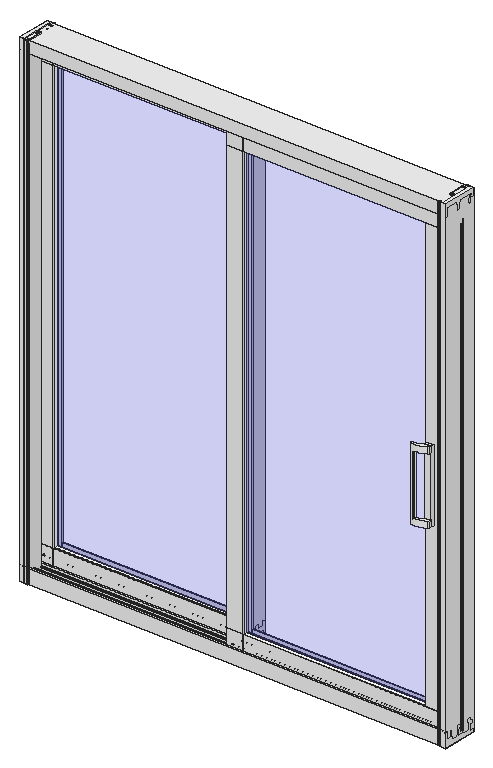
Revit family "Patio-Door_2900_Novatech", category Doors, host Wall, Revit 2026
Family settings
  Host = Wall
  Classification Number = 23.30.10.00
  Always vertical = Yes
  Cut with Voids When Loaded = No
  Shared = No
  Room Calculation Point = No
Parameters (values of type "70 1/4"W X 80 3/8"H")
  Width Sash X = (Width / 2) + 1/2"  # 35 5/8"
  Width Sash O = (Width / 2) + 1/2"  # 35 5/8"
  Specification = "https://www.arcat.com/company/novatech-group-51586/spec"
  Product Page URL = "https://www.arcat.com/arcatcos/cos51/arc51586.html"
  Model_Sash to Reference Line = (Width - 1 1/4") / 2  # 34 1/2"
  View Handle = yes
  URL = "https://www.groupenovatech.com/en_canada_ontario/products/patio‐doors/2900.html"
  Thickness = 5 11/16"
  Rough Width = Width + 1/2"  # 70 3/4"
  Rough Height = Height + 1/2"  # 80 7/8"
  Panel Material = Glass
  Model = "2900"
  Manufacturer = "Novatech"
  Look Handle = yes
  Keynote = "08 32 00"
  Height Sash X = Height - 3 1/4"  # 77 1/8"
  Height Sash O = Height - 3 1/4"  # 77 1/8"
  Hardware Material = Aluminum
  Handle Height = 38"
  Function = Interior
  Height = 80 3/8"
  Wall Closure = By host
  Width = 70 1/4"
  Frame Material = Aluminum
  Define Thermal Properties by = Schematic Type
  Copyright = "ARCAT"
  CAD Details = "https://www.arcat.com/company/novatech-group-51586/cad"
  Analytic Construction = "<None>"
Reference planes (in)
  plane 1 "Center (Front/Back)": y = -0.19815
  plane 2 "Center (Left/Right)": x = 0
  plane 3 "Left": x = -35.125
  plane 4 "Right": x = 35.125
  plane 5 "Top": z = 80.375
  plane 6 "Exterior": y = 3
  plane 7 "Interior": y = -3
  plane 8 "Panel 1": y = 0.71552
  plane 9 "Panel 2": y = -1.78113
  plane 10: x = -34.5
  plane 11: z = 79.14393
  plane 12: z = 38
  plane 13: z = 2.01893
  plane 14: x = 34.5
  plane 15 "Panel 3": y = 2.6875
Text (in)
  text "Exterior" at (-74.96733, 27.31104, 0), in view "Ref. Level"
  text "Interior" at (-74.96733, -25.14366, 0), in view "Ref. Level"
  text "Exterior" at (0, 40.15149, 123.01588), in view "Right"
  text "Interior" at (0, -64.39139, 123.01588), in view "Right"
  text "Interior" at (0, -31.01599, 123.00693), in view "Left"
  text "Exterior" at (0, 54.57065, 123.00693), in view "Left"
Dimensions and locks (in)
  equal spacing: plane 3 "Left", plane 2 "Center (Left/Right)", plane 4 "Right"
  "Height": level to plane 5 "Top"
  "Width": plane 3 "Left" to plane 4 "Right"
  level to plane 13 = 2.01893"
  "Handle Height": plane 12 to level
  locked: nested 1 to plane 4 "Right" at 2.77256
  locked: nested 2 to plane 4 "Right" at 2.77256
  locked: nested 1 to plane 9 "Panel 2" at 0.98148
  locked: plane 9 "Panel 2" to nested 2 at 0.98148
  "Height Sash X": plane 11 to plane 13
  locked: plane 14 to plane 4 "Right" at 0.625
  locked: plane 3 "Left" to plane 10 at 0.625
  "Model_Sash to Reference Line": plane 10 to plane 2 "Center (Left/Right)"
  "Model_Sash to Reference Line": plane 2 "Center (Left/Right)" to plane 14
  locked: plane 7 "Interior" to plane 9 "Panel 2" at 1.21887
  locked: plane 7 "Interior" to plane 8 "Panel 1" at 3.71552
  plane 7 "Interior" to plane 15 "Panel 3" = 5 11/16"
  aligned and locked: plane 6 "Exterior" to host wall
  aligned and locked: plane 7 "Interior" to host wall
  aligned and locked: plane 12 to nested 1
  aligned and locked: plane 12 to nested 2
  aligned and locked: plane 2 "Center (Left/Right)" to nested 4
  aligned and locked: nested 4 to plane 9 "Panel 2"
  aligned and locked: nested 3 to plane 8 "Panel 1"
  aligned and locked: nested 3 to plane 11
  aligned and locked: nested 4 to plane 11
  aligned and locked: plane 10 to nested 3
  aligned and locked: plane 2 "Center (Left/Right)" to nested 3
  aligned and locked: plane 7 "Interior" to nested 5
  aligned and locked: plane 3 "Left" to nested 5
  aligned and locked: plane 4 "Right" to nested 5
Nested families (in)
  nested 1: "NOVATECH_2900_LOOK HANDLE" at (32.35244, -2.45713, 32) x (-1, 0, 0) z (0, 0, 1), visible <- "Look Handle", type "LOOK HANDLE"
  nested 2: "NOVATECH_2900_VIEW HANDLE" at (32.35244, -2.76261, 32) x (-1, 0, 0) z (0, 0, 1), visible <- "View Handle", type "VIEW HANDLE"
    with Handle Length 12"
  nested 3: "NOVATECH_2900_SASH_O" at (-17.25, -0.26596, 2.01893), type "SASH_O"
    with Width 34 1/2", Height 77 1/8"
  nested 4: "NOVATECH_2900_SASH_X" at (17.25, -2.76261, 2.10555), type "SASH_X"
    with Width 34 1/2", Height 77 1/8"
  nested 5: "NOVATECH_2900_DOOR FRAME" at (0, 0, 0), type "DOOR FRAME"
    with Width 70 1/4"
Definition of nested family "NOVATECH_2900_LOOK HANDLE"
  Parameters (values of type "LOOK HANDLE")
    View Handle = yes
    Look Handle = yes
    Hardware Finish = none
    Handle Length [instance] = 12"
    Default Elevation = 0"
  Reference planes (in)
    plane 1 "Center (Front/Back)": y = 0
    plane 2: z = 0
    plane 3 "Center (Left/Right)": x = 0
    plane 4: z = 12
    plane 5: z = 11
    plane 6: z = 1
    plane 7: z = 6
  Forms (in)
    Extrusion 1, solid, material <- "Hardware Finish", visible <- "Look Handle"
      sketch origin (-2.75609, 4.10702, 0) x (1, 0, 0) y (0, 1, 0)
        loop
          line (2.28365, -5.7645) -> (2.29002, -6.12973)
          arc (2.29002, -6.12973) -> (2.31095, -6.17843) -> (2.36001, -6.1985) r 0.07
          line (2.36001, -6.1985) -> (3.15217, -6.1985)
          arc (3.15217, -6.1985) -> (3.20123, -6.17843) -> (3.22216, -6.12973) r 0.07
          line (3.22216, -6.12973) -> (3.22853, -5.7645) -> (2.28365, -5.7645)
      from 0 to 12
    Extrusion 2, solid, material <- "Hardware Finish", visible <- "Look Handle"
      sketch origin (-2.75609, 4.10702, 0) x (1, 0, 0) y (0, 1, 0)
        loop
          arc (2.92658, -7.01425) -> (2.95049, -7.06991) -> (3.00657, -7.09285) r 0.08
          line (3.00657, -7.09285) -> (3.06811, -7.09285)
          arc (3.06811, -7.09285) -> (3.12419, -7.06991) -> (3.1481, -7.01425) r 0.08
          line (3.1481, -7.01425) -> (3.16234, -6.1985) -> (2.88163, -6.1985)
          arc (2.88163, -6.1985) -> (2.90353, -6.20746) -> (2.91288, -6.22921) r 0.03125
          line (2.91288, -6.22921) -> (2.92658, -7.01425)
      from 4.54231 to 11
    Extrusion 3, solid, material <- "Hardware Finish", visible <- "Look Handle"
      sketch origin (-5.65408, 4.10702, 0) x (1, 0, 0) y (0, 1, 0)
        loop
          arc (5.26207, -7.01425) -> (5.28599, -7.06991) -> (5.34206, -7.09285) r 0.08
          line (5.34206, -7.09285) -> (5.96611, -7.09285)
          arc (5.96611, -7.09285) -> (6.02218, -7.06991) -> (6.0461, -7.01425) r 0.08
          line (6.0461, -7.01425) -> (6.06033, -6.1985) -> (5.24783, -6.1985) -> (5.26207, -7.01425)
      from 1 to 4.54231
  Dimensions and locks (in)
    "Handle Length": plane 4 to level
    locked: plane 4 to plane 5 at 1
    locked: plane 6 to level at 1
    equal spacing: plane 4, plane 7, level, locked at 6 each
    aligned and locked: plane 2 to level
  Automatic sketch dimensions
    Extrusion 1 sketch curve to plane 3 "Center (Left/Right)" = 0.47244"
    Extrusion 1 sketch curve to Extrusion 1 sketch curve = 0.00637"  (x2)
    Extrusion 1 sketch curve to Extrusion 1 sketch curve = 0.06999"  (x2)
    plane 3 "Center (Left/Right)" to Extrusion 1 sketch curve = 0.39608"
    plane 1 "Center (Front/Back)" to Extrusion 1 sketch curve = 2.09148"
    Extrusion 1 sketch curve to Extrusion 1 sketch curve = 0.06878"  (x2)
    Extrusion 1 sketch curve to Extrusion 1 sketch curve = 0.36522"
    plane 3 "Center (Left/Right)" to Extrusion 2 sketch curve = 0.31202"
    Extrusion 2 sketch curve to Extrusion 2 sketch curve = 0.07999"
    plane 1 "Center (Front/Back)" to Extrusion 2 sketch curve = 2.90722"
    Extrusion 2 sketch curve to Extrusion 2 sketch curve = 0.0014"  (x2)
    plane 3 "Center (Left/Right)" to Extrusion 2 sketch curve = 0.15679"
    Extrusion 2 sketch curve to Extrusion 2 sketch curve = 0.24946"
    Extrusion 2 sketch curve to Extrusion 2 sketch curve = 0.78504"
    Extrusion 2 sketch curve to Extrusion 2 sketch curve = 0.0307"
    Extrusion 2 sketch curve to Extrusion 2 sketch curve = 0.06155"
    Extrusion 2 sketch curve to Extrusion 2 sketch curve = 0"  (x2)
    Extrusion 2 sketch curve to Extrusion 2 sketch curve = 0.00055"
    plane 3 "Center (Left/Right)" to Extrusion 2 sketch curve = 0.12554"
    Extrusion 3 sketch curve to plane 3 "Center (Left/Right)" = 0.39201"
    Extrusion 3 sketch curve to Extrusion 3 sketch curve = 0.07999"
    plane 1 "Center (Front/Back)" to Extrusion 3 sketch curve = 2.90722"
    Extrusion 3 sketch curve to Extrusion 3 sketch curve = 0.0014"  (x2)
    Extrusion 3 sketch curve to plane 3 "Center (Left/Right)" = 13/32"
    Extrusion 3 sketch curve to Extrusion 3 sketch curve = 0.81574"
    plane 3 "Center (Left/Right)" to Extrusion 3 sketch curve = 0.31202"
    plane 3 "Center (Left/Right)" to Extrusion 3 sketch curve = 13/32"
    Extrusion 3 sketch curve to Extrusion 3 sketch curve = 0.0786"
Definition of nested family "NOVATECH_2900_VIEW HANDLE"
  Parameters (values of type "VIEW HANDLE")
    Hardware Finish = none
    Handle Length [instance] = 12"
    Default Elevation = 0"
  Reference planes (in)
    plane 1 "Center (Front/Back)": y = 0
    plane 2: z = 0
    plane 3 "Center (Left/Right)": x = 0
    plane 4: z = 12
    plane 5: z = 11
    plane 6: z = 1
    plane 7: z = 6
  Forms (in)
    Extrusion 1, solid, material <- "Hardware Finish"
      sketch origin (-2.75609, -5.7645, 0) x (1, 0, 0) y (0, 1, 0)
        loop
          line (2.25609, 6.2645) -> (2.25609, 5.7645) -> (3.25609, 5.7645) -> (3.25609, 6.2645) -> (2.25609, 6.2645)
      from 0 to 12
    Extrusion 2, solid, material <- "Hardware Finish"
      sketch origin (-2.75609, -5.7645, 0) x (1, 0, 0) y (0, 1, 0)
        loop
          arc (3.25636, 6.2645) -> (3.36219, 6.58898) -> (3.65155, 6.76996) r 0.5
          arc (3.65155, 6.76996) -> (4.19674, 6.84875) -> (4.74609, 6.8895) r 7.93092
          arc (4.74609, 6.8895) -> (4.87857, 6.94764) -> (4.92546, 7.0845) r 0.18
          arc (4.92546, 7.0845) -> (4.87857, 7.22136) -> (4.74609, 7.2795) r 0.18
          arc (4.74609, 7.2795) -> (3.50036, 7.21489) -> (2.35751, 6.71497) r 3.47867
          arc (2.35751, 6.71497) -> (2.28354, 6.64857) -> (2.25609, 6.55303) r 0.18
          line (2.25609, 6.55303) -> (2.25609, 6.2645) -> (3.25636, 6.2645)
      from 0 to 12
    Extrusion 3, void
      sketch origin (-2.75609, -5.7645, 0) x (1, 0, 0) y (0, 1, 0)
        loop
          arc (3.25636, 6.2645) -> (3.36219, 6.58898) -> (3.65155, 6.76996) r 0.5
          arc (3.65155, 6.76996) -> (3.99574, 6.82419) -> (4.34198, 6.86326) r 7.93092
          arc (4.34198, 6.86326) -> (4.5239, 7.10462) -> (4.30048, 7.30816) r 0.22439
          arc (4.30048, 7.30816) -> (3.28473, 7.15656) -> (2.35751, 6.71497) r 3.47867
          arc (2.35751, 6.71497) -> (2.28354, 6.64857) -> (2.25609, 6.55303) r 0.18
          line (2.25609, 6.55303) -> (2.25609, 6.2645) -> (3.25636, 6.2645)
      from 1 to 11
  Cuts and joins
    Extrusion 3 cuts Extrusion 2
  Dimensions and locks (in)
    "Handle Length": plane 4 to level
    locked: plane 4 to plane 5 at 1
    locked: plane 6 to level at 1
    equal spacing: plane 4, plane 7, level, locked at 6 each
    aligned and locked: plane 2 to level
    aligned and locked: cut or joined group of Extrusion 2, Extrusion 3 to plane 5
    aligned and locked: plane 6 to cut or joined group of Extrusion 2, Extrusion 3
    aligned and locked: Extrusion 1 to plane 4
    aligned and locked: cut or joined group of Extrusion 2, Extrusion 3 to plane 4
  Automatic sketch dimensions
    plane 1 "Center (Front/Back)" to Extrusion 1 sketch curve = 0"
    Extrusion 1 sketch curve to plane 3 "Center (Left/Right)" = 1/2"
    plane 3 "Center (Left/Right)" to Extrusion 1 sketch curve = 1/2"
    Extrusion 1 sketch curve to plane 1 "Center (Front/Back)" = 1/2"
    Extrusion 2 sketch curve to plane 3 "Center (Left/Right)" = 1/2"
    Extrusion 2 sketch curve to Extrusion 2 sketch curve = 0.18"
    plane 3 "Center (Left/Right)" to Extrusion 2 sketch curve = 0.50027"
    Extrusion 2 sketch curve to Extrusion 2 sketch curve = 0.49973"
    plane 3 "Center (Left/Right)" to Extrusion 2 sketch curve = 1.54439"
    Extrusion 2 sketch curve to Extrusion 2 sketch curve = 0.99"
    Extrusion 2 sketch curve to Extrusion 2 sketch curve = 0"
    plane 3 "Center (Left/Right)" to Extrusion 2 sketch curve = 2.30175"
    plane 1 "Center (Front/Back)" to Extrusion 2 sketch curve = 6.79979"
    plane 1 "Center (Front/Back)" to Extrusion 2 sketch curve = 1.93501"
    Extrusion 2 sketch curve to plane 1 "Center (Front/Back)" = 1/2"
    Extrusion 2 sketch curve to Extrusion 2 sketch curve = 0.0165"
    Extrusion 2 sketch curve to Extrusion 2 sketch curve = 0.28853"
    Extrusion 2 sketch curve to Extrusion 2 sketch curve = 0.7885"
    Extrusion 2 sketch curve to Extrusion 2 sketch curve = 0.03"
    Extrusion 2 sketch curve to Extrusion 2 sketch curve = 0.07858"
    Extrusion 2 sketch curve to Extrusion 2 sketch curve = 0.10454"
    Extrusion 3 sketch curve to plane 3 "Center (Left/Right)" = 1/2"
    Extrusion 3 sketch curve to Extrusion 3 sketch curve = 0.18"
    plane 3 "Center (Left/Right)" to Extrusion 3 sketch curve = 0.50027"
    Extrusion 3 sketch curve to Extrusion 3 sketch curve = 0.49973"
    plane 3 "Center (Left/Right)" to Extrusion 3 sketch curve = 1.54439"
    plane 3 "Center (Left/Right)" to Extrusion 3 sketch curve = 2.30175"
    plane 1 "Center (Front/Back)" to Extrusion 3 sketch curve = 6.79979"
    plane 1 "Center (Front/Back)" to Extrusion 3 sketch curve = 1.93501"
    Extrusion 3 sketch curve to plane 1 "Center (Front/Back)" = 1/2"
    Extrusion 3 sketch curve to Extrusion 3 sketch curve = 0.0165"
    Extrusion 3 sketch curve to Extrusion 3 sketch curve = 0.28853"
    Extrusion 3 sketch curve to Extrusion 3 sketch curve = 0.80277"
    Extrusion 3 sketch curve to Extrusion 3 sketch curve = 0.07858"
    Extrusion 3 sketch curve to Extrusion 3 sketch curve = 0.10454"
    Extrusion 3 sketch curve to Extrusion 3 sketch curve = 0.0415"
Definition of nested family "NOVATECH_2900_SASH_O"
  Parameters (values of type "SASH_O")
    Width = 53 3/8"
    Panel Material = none
    Height = 76 1/4"
    Frame Material = none
    Default Elevation = 0"
  Reference planes (in)
    plane 1 "Center (Front/Back)": y = 0
    plane 2: z = 0
    plane 3 "Center (Left/Right)": x = 0
    plane 4: x = 26.6875
    plane 5: x = -26.6875
    plane 6: z = 76.25
    plane 7: y = 0.98148
    plane 8: x = 28.10499
  Forms (in)
    Extrusion 1, solid, material <- "Panel Material"
      sketch origin (53.05518, -3.20251, -6.64768) x (1, 0, 0) y (0, 1, 0)
        loop
          line (-77.6118, 4.77753) -> (-77.6118, 3.75367) -> (-27.1352, 3.75367) -> (-27.1352, 4.77753) -> (-77.6118, 4.77753)
      from 9.01399 to 80.53137
  Dimensions and locks (in)
    "Height": plane 6 to level
    "Width": plane 4 to plane 5
    equal spacing: plane 4, plane 3 "Center (Left/Right)", plane 5
    plane 5 to Extrusion 1 = 2.13088"
    locked: Extrusion 1 sketch curve to Extrusion 1 sketch curve at 1.02386
    locked: level to Extrusion 1 at 2.36631
    locked: plane 6 to Extrusion 1 at 2.36631
    locked: Extrusion 1 to plane 4 at 0.76752
    locked: plane 4 to plane 8 at 1.41749
    aligned and locked: plane 2 to level
    aligned and locked: plane 1 "Center (Front/Back)" to nested 1
    aligned and locked: nested 1 to level
    aligned and locked: nested 2 to plane 6
    aligned and locked: plane 1 "Center (Front/Back)" to nested 2
    aligned and locked: plane 5 to nested 3
    aligned and locked: nested 3 to plane 1 "Center (Front/Back)"
    aligned and locked: plane 1 "Center (Front/Back)" to nested 4
    aligned and locked: nested 4 to plane 4
    aligned and locked: nested 2 to plane 5
    aligned and locked: nested 2 to plane 8
    aligned and locked: plane 8 to nested 1
    aligned and locked: plane 5 to nested 1
  Automatic sketch dimensions
    Extrusion 1 sketch curve to plane 1 "Center (Front/Back)" = 0.55116"
    plane 5 to Extrusion 1 sketch curve = 2.13088"
    Extrusion 1 sketch curve to plane 4 = 0.76752"
  Nested families (in)
    nested 1: "NOVATECH_650_2 LIGHT_SASH_O_SILL" at (-26.6875, 1.96296, 0), type "O PANEL SILL"
      with built-in parameter 1001306 4.566 (stored number, unit not read)
    nested 2: "NOVATECH_650_2 LIGHT_SASH_O_HEADER" at (-26.6875, 0, 76.25), type "O PANEL HEADER"
      with Length 54.79249"
    nested 3: "NOVATECH_650_2 LIGHT_SASH_O_LEFT" at (-26.6875, 1.96296, 0) x (0, 1, 0) z (0, 0, 1), type "NOVATECH_650_2 LIGHT_SASH_X_RIGHT"
      with Length 76 1/4"
    nested 4: "LEFT" at (28.10499, 1.96296, 0) x (0, 1, 0) z (0, 0, 1), type "NOVATECH_650_2 LIGHT_SASH_X_RIGHT"
      with Length 76 1/4"
  Definition of nested family "NOVATECH_650_2 LIGHT_SASH_O_SILL"
    Parameters (values of type "O PANEL SILL")
      built-in parameter 1001306 [instance] = 48"
      Frame Material = none
      Default Elevation = 0"
    Reference planes (in)
      plane 1 "Center (Front/Back)": y = 0
      plane 2: z = 0
      plane 3 "Left": x = 0
      plane 4 "Right": x = 48
    Forms (in)
      Extrusion 1, solid, material <- "Frame Material"
        sketch origin (0, -0.42731, -0.11117) x (0, 1, 0) y (0, 0, 1)
          loop
            line (0.38066, 3.00865) -> (0.05424, 3.12842) -> (0.05424, 2.47749) -> (-0.99936, 2.47749) -> (-0.99936, 3.12842) -> (-1.29497, 3.01995) -> (-1.29497, 2.98617) -> (-1.53565, 2.98617) -> (-1.53565, 0.11117) -> (-1.39065, 0.11117) -> (-1.39065, 0.47199) -> (-1.19949, 0.47199) -> (-1.19949, 0.82074) -> (-1.39065, 0.82074) -> (-1.39065, 1.73595) -> (0.28531, 1.73595) -> (0.28531, 0.11117) -> (0.42731, 0.11117) -> (0.42731, 2.97743) -> (0.38066, 2.97743) -> (0.38066, 3.00865)
        from 0 to 48
    Lines and regions (in)
      reference lines
        curve 1: line (0, 0.91091, 0) -> (48, 0.91091, 0)
    Dimensions and locks (in)
      "built-in parameter 1001306": plane 3 "Left" to plane 4 "Right"
      aligned and locked: plane 4 "Right" to curve 1
      aligned and locked: plane 3 "Left" to curve 1
      aligned and locked: level to plane 2
      aligned and locked: Extrusion 1 to plane 3 "Left"
      aligned and locked: plane 4 "Right" to Extrusion 1
    Automatic sketch dimensions
      curve 1 to plane 1 "Center (Front/Back)" = 0.91091"
      Extrusion 1 sketch curve to level = 0"  (x2)
      Extrusion 1 sketch curve to plane 1 "Center (Front/Back)" = 0"
      plane 1 "Center (Front/Back)" to Extrusion 1 sketch curve = 0.04665"
      plane 1 "Center (Front/Back)" to Extrusion 1 sketch curve = 0.142"
      plane 1 "Center (Front/Back)" to Extrusion 1 sketch curve = 0.37307"
      level to Extrusion 1 sketch curve = 0.36082"
      Extrusion 1 sketch curve to Extrusion 1 sketch curve = 1.4848"
      Extrusion 1 sketch curve to Extrusion 1 sketch curve = 0.39129"
      Extrusion 1 sketch curve to Extrusion 1 sketch curve = 0.19116"
      Extrusion 1 sketch curve to Extrusion 1 sketch curve = 0.53629"
      Extrusion 1 sketch curve to Extrusion 1 sketch curve = 0.34875"
      level to Extrusion 1 sketch curve = 1.62478"
      Extrusion 1 sketch curve to Extrusion 1 sketch curve = 0.74154"
      Extrusion 1 sketch curve to Extrusion 1 sketch curve = 0.49994"
      Extrusion 1 sketch curve to Extrusion 1 sketch curve = 0.50869"
      Extrusion 1 sketch curve to Extrusion 1 sketch curve = 0.03122"
      Extrusion 1 sketch curve to Extrusion 1 sketch curve = 0.11977"
      Extrusion 1 sketch curve to Extrusion 1 sketch curve = 0.29561"
      Extrusion 1 sketch curve to Extrusion 1 sketch curve = 0.03378"
      Extrusion 1 sketch curve to Extrusion 1 sketch curve = 0.145"
      Extrusion 1 sketch curve to Extrusion 1 sketch curve = 0.10847"
  Definition of nested family "NOVATECH_650_2 LIGHT_SASH_O_HEADER"
    Parameters (values of type "O PANEL HEADER")
      Length [instance] = 25.4316"
      Frame Material = none
      Default Elevation = 0"
    Reference planes (in)
      plane 1 "Center (Front/Back)": y = 0
      plane 2: z = 0
      plane 3 "Center (Left/Right)": x = 0
      plane 4: x = 25.4316
    Forms (in)
      Extrusion 1, solid, material <- "Frame Material"
        sketch origin (0, 3.99113, -1.74837) x (0, 1, 0) y (0, 0, 1)
          loop
            line (-5.90744, -1.1491) -> (-5.58102, -1.26888) -> (-5.58102, -0.61794) -> (-4.52742, -0.61794) -> (-4.52742, -1.26888) -> (-4.23181, -1.16041) -> (-4.23181, -1.12663) -> (-3.99113, -1.12663) -> (-3.99113, 1.74837) -> (-4.13613, 1.74837) -> (-4.13613, 1.38755) -> (-4.32729, 1.38755) -> (-4.32729, 1.03881) -> (-4.13613, 1.03881) -> (-4.13613, 0.12359) -> (-5.8121, 0.12359) -> (-5.8121, 1.74837) -> (-5.9541, 1.74837) -> (-5.9541, -1.11789) -> (-5.90744, -1.11789) -> (-5.90744, -1.1491)
        from 0 to 25.4316
    Dimensions and locks (in)
      "Length": plane 3 "Center (Left/Right)" to plane 4
      aligned and locked: plane 2 to level
      aligned and locked: plane 4 to Extrusion 1
      aligned and locked: Extrusion 1 to plane 3 "Center (Left/Right)"
    Automatic sketch dimensions
      plane 1 "Center (Front/Back)" to Extrusion 1 sketch curve = 1.96296"
      Extrusion 1 sketch curve to Extrusion 1 sketch curve = 0.04665"
      Extrusion 1 sketch curve to Extrusion 1 sketch curve = 0.09535"
      Extrusion 1 sketch curve to Extrusion 1 sketch curve = 0.32642"
      Extrusion 1 sketch curve to Extrusion 1 sketch curve = 1.4848"
      Extrusion 1 sketch curve to Extrusion 1 sketch curve = 0.29561"
      Extrusion 1 sketch curve to Extrusion 1 sketch curve = 0.19116"  (x2)
      Extrusion 1 sketch curve to Extrusion 1 sketch curve = 0.24068"
      Extrusion 1 sketch curve to level = 3.01724"
      Extrusion 1 sketch curve to Extrusion 1 sketch curve = 0"
      Extrusion 1 sketch curve to Extrusion 1 sketch curve = 0.10847"
      Extrusion 1 sketch curve to Extrusion 1 sketch curve = 0.11977"
      Extrusion 1 sketch curve to Extrusion 1 sketch curve = 0.03378"
      Extrusion 1 sketch curve to Extrusion 1 sketch curve = 0.03122"
      Extrusion 1 sketch curve to Extrusion 1 sketch curve = 0.74154"
      Extrusion 1 sketch curve to Extrusion 1 sketch curve = 0.91521"
      Extrusion 1 sketch curve to Extrusion 1 sketch curve = 0.34875"
      Extrusion 1 sketch curve to Extrusion 1 sketch curve = 0.36082"  (x2)
      Extrusion 1 sketch curve to plane 1 "Center (Front/Back)" = 0"
      Extrusion 1 sketch curve to level = 0"
  Definition of nested family "NOVATECH_650_2 LIGHT_SASH_O_LEFT"
    Parameters (values of type "NOVATECH_650_2 LIGHT_SASH_X_RIGHT")
      Length = 75 3/4"
      Frame Material = none
      Default Elevation = 0"
    Types (3): name | Length
      NOVATECH_650_2 LIGHT_SASH_X_RIGHT | 75 3/4"
      X_RIGHT | 75 121/128"
      NOVATECH_650_2 LIGHT_SASH_X_RIGHT 2 | 75 3/4"
    Reference planes (in)
      plane 1 "Center (Front/Back)": y = 0
      plane 2: z = 0
      plane 3 "Center (Left/Right)": x = 0
      plane 4: z = 75.75
    Forms (in)
      Extrusion 1, solid, material <- "Frame Material"
        sketch origin (0, 0, 0) x (1, 0, 0) y (0, 1, 0)
          loop
            line (-1.96296, 2.63082) -> (-1.96296, 0) -> (0, 0) -> (0, 2.6448) -> (-0.37341, 2.78181) -> (-0.37341, 2.13088) -> (-1.42701, 2.13088) -> (-1.42701, 2.78181) -> (-1.83851, 2.63082) -> (-1.96296, 2.63082)
        from 0 to 75.75
    Dimensions and locks (in)
      "Length": plane 4 to level
      aligned and locked: plane 2 to level
      aligned and locked: Extrusion 1 to level
      aligned and locked: plane 4 to Extrusion 1
    Automatic sketch dimensions
      plane 1 "Center (Front/Back)" to Extrusion 1 sketch curve = 0"
      Extrusion 1 sketch curve to plane 3 "Center (Left/Right)" = 1.96296"
      Extrusion 1 sketch curve to Extrusion 1 sketch curve = 0.12445"
      Extrusion 1 sketch curve to Extrusion 1 sketch curve = 0.4115"
      Extrusion 1 sketch curve to Extrusion 1 sketch curve = 1.0536"
      Extrusion 1 sketch curve to plane 3 "Center (Left/Right)" = 0"
      Extrusion 1 sketch curve to Extrusion 1 sketch curve = 0.49994"
      Extrusion 1 sketch curve to Extrusion 1 sketch curve = 0.51392"
      Extrusion 1 sketch curve to Extrusion 1 sketch curve = 0.13701"
      Extrusion 1 sketch curve to Extrusion 1 sketch curve = 0.15099"
      Extrusion 1 sketch curve to plane 1 "Center (Front/Back)" = 2.13088"
  Definition of nested family "LEFT"
    Parameters (values of type "NOVATECH_650_2 LIGHT_SASH_X_RIGHT")
      Length = 75 3/4"
      Frame Material = none
      Default Elevation = 0"
    Types (3): name | Length
      NOVATECH_650_2 LIGHT_SASH_X_RIGHT | 75 3/4"
      X_RIGHT | 75 121/128"
      NOVATECH_650_2 LIGHT_SASH_X_RIGHT 2 | 75 3/4"
    Reference planes (in)
      plane 1 "Center (Front/Back)": y = 0
      plane 2: z = 0
      plane 3 "Center (Left/Right)": x = 0
      plane 4: z = 75.75
      plane 5: y = 1.41749
    Forms (in)
      Extrusion 1, solid, material <- "Frame Material"
        sketch origin (0, 0, 0) x (1, 0, 0) y (0, 1, 0)
          loop
            line (0, 0) -> (0, 2.68304) -> (-0.05184, 2.68304) -> (-0.05184, 2.71604) -> (-0.37341, 2.83403) -> (-0.37341, 2.1831) -> (-1.42701, 2.1831) -> (-1.42701, 2.83403) -> (-1.74858, 2.71604) -> (-1.74858, 2.68304) -> (-1.96296, 2.68304) -> (-1.96296, 0.08) -> (-2.17933, 0.08) -> (-2.17933, 0.40691) -> (-2.25655, 0.76924)
            arc (-2.25655, 0.76924) -> (-2.28361, 0.78891) -> (-2.306, 0.76404) r 0.025
            line (-2.306, 0.76404) -> (-2.306, 0) -> (0, 0)
        from 0 to 75.75
    Dimensions and locks (in)
      "Length": plane 4 to level
      aligned and locked: plane 2 to level
      aligned and locked: Extrusion 1 to level
      aligned and locked: plane 4 to Extrusion 1
    Automatic sketch dimensions
      plane 1 "Center (Front/Back)" to Extrusion 1 sketch curve = 0"
      Extrusion 1 sketch curve to plane 3 "Center (Left/Right)" = 0.05184"
      Extrusion 1 sketch curve to Extrusion 1 sketch curve = 0.32157"  (x2)
      Extrusion 1 sketch curve to Extrusion 1 sketch curve = 1.0536"
      Extrusion 1 sketch curve to plane 1 "Center (Front/Back)" = 0.08"
      Extrusion 1 sketch curve to Extrusion 1 sketch curve = 0.21637"
      Extrusion 1 sketch curve to plane 5 = 0.64825"
      Extrusion 1 sketch curve to Extrusion 1 sketch curve = 0.07722"
      Extrusion 1 sketch curve to Extrusion 1 sketch curve = 0.02445"
      Extrusion 1 sketch curve to Extrusion 1 sketch curve = 0.025"
      Extrusion 1 sketch curve to Extrusion 1 sketch curve = 0.32691"
      plane 5 to Extrusion 1 sketch curve = 0.7656"
      Extrusion 1 sketch curve to Extrusion 1 sketch curve = 0.49994"
      Extrusion 1 sketch curve to Extrusion 1 sketch curve = 0.033"  (x2)
      Extrusion 1 sketch curve to Extrusion 1 sketch curve = 0.53294"
      Extrusion 1 sketch curve to Extrusion 1 sketch curve = 0.11799"  (x2)
      Extrusion 1 sketch curve to Extrusion 1 sketch curve = 0.21438"
      plane 3 "Center (Left/Right)" to Extrusion 1 sketch curve = 0"
Definition of nested family "NOVATECH_2900_SASH_X"
  Parameters (values of type "SASH_X")
    Width = 53 3/8"
    Panel Material = none
    Height = 76 1/4"
    Frame Material = none
    Default Elevation = 0"
  Reference planes (in)
    plane 1 "Center (Front/Back)": y = 0
    plane 2: z = -0.08661
    plane 3 "Center (Left/Right)": x = 0
    plane 4: x = 26.6875
    plane 5: x = -26.6875
    plane 6: z = 76.16339
    plane 7: y = 0.98148
    plane 8: x = 26.41751
    plane 9: x = -27.95312
  Forms (in)
    Extrusion 1, solid, material <- "Panel Material"
      sketch origin (53.25948, -3.11036, -6.62158) x (1, 0, 0) y (0, 1, 0)
        loop
          line (-79.02664, 4.68526) -> (-79.02664, 3.66141) -> (-28.97294, 3.66141) -> (-28.97294, 4.68526) -> (-79.02664, 4.68526)
      from 8.91005 to 80.40988
  Dimensions and locks (in)
    "Height": plane 6 to level
    "Width": plane 4 to plane 5
    equal spacing: plane 4, plane 3 "Center (Left/Right)", plane 5
    locked: Extrusion 1 sketch curve to Extrusion 1 sketch curve at 1.02386
    plane 5 to Extrusion 1 = 0.92035"
    locked: Extrusion 1 to plane 4 at 2.40095
    locked: Extrusion 1 to level at 2.37508
    locked: plane 6 to Extrusion 1 at 2.37508
    Extrusion 1 to plane 1 "Center (Front/Back)" = 1.57491"
    locked: plane 8 to plane 4 at 0.26999
    locked: plane 9 to plane 5 at 1.26562
    locked: Extrusion 1 to plane 1 "Center (Front/Back)" at 1.57491
    aligned and locked: nested 2 to level
    aligned and locked: plane 1 "Center (Front/Back)" to nested 1
    aligned and locked: plane 4 to nested 2  (x2)
    aligned and locked: plane 6 to nested 3
    aligned and locked: plane 1 "Center (Front/Back)" to nested 3
    aligned and locked: plane 1 "Center (Front/Back)" to nested 4
    aligned and locked: nested 4 to level
    aligned and locked: plane 1 "Center (Front/Back)" to nested 2
    aligned and locked: plane 8 to nested 4
    aligned and locked: plane 8 to nested 3
    aligned and locked: plane 9 to nested 3
    aligned and locked: plane 9 to nested 4
    aligned and locked: plane 6 to nested 2
    aligned and locked: nested 1 to level
    aligned and locked: plane 5 to nested 1
  Automatic sketch dimensions
    Extrusion 1 sketch curve to plane 1 "Center (Front/Back)" = 0.55105"
    plane 5 to Extrusion 1 sketch curve = 0.92035"
    Extrusion 1 sketch curve to plane 4 = 2.40095"
  Nested families (in)
    nested 1: "LEFT" at (-27.95312, 0, -0.08661) x (0, -1, 0) z (0, 0, 1), type "NOVATECH_650_2 LIGHT_SASH_X_RIGHT"
    nested 2: "NOVATECH_650_2 LIGHT_SASH_X_RIGHT" at (26.6875, 1.96296, -13.58661) x (0, 1, 0) z (0, 0, 1), type "X_RIGHT"
      with Length 76 1/4"
    nested 3: "NOVATECH_650_2 LIGHT_SASH_X_HEADER" at (-27.95312, 4.608, 76.16339), type "X_HEADER"
      with built-in parameter 1001306 4.5309 (stored number, unit not read)
    nested 4: "NOVATECH_650_2 LIGHT_SASH_X_SILL" at (-27.95312, 1.96296, -0.08661), type "X_SILL"
      with built-in parameter 1001306 4.5309 (stored number, unit not read)
  Definition of nested family "LEFT"
    Parameters (values of type "NOVATECH_650_2 LIGHT_SASH_X_RIGHT")
      Length = 76 1/4"
      Frame Material = none
      Default Elevation = 0"
    Reference planes (in)
      plane 1 "Center (Front/Back)": y = 0
      plane 2: z = 0
      plane 3 "Center (Left/Right)": x = 0
      plane 4: z = 76.25
      plane 5: y = 1.26562
    Forms (in)
      Extrusion 1, solid, material <- "Frame Material"
        sketch origin (0, 0, 0) x (1, 0, 0) y (0, 1, 0)
          loop
            line (0, 0) -> (0, 2.68442) -> (-0.12059, 2.68442) -> (-0.53618, 2.8369) -> (-0.53618, 2.18597) -> (-1.58978, 2.18597) -> (-1.58978, 2.8369) -> (-1.96296, 2.69998) -> (-1.96296, 1.80885) -> (-2.24802, 1.80885) -> (-2.31082, 2.1331) -> (-2.31082, 2.53888)
            arc (-2.31082, 2.53888) -> (-2.34341, 2.57147) -> (-2.376, 2.53888) r 0.03259
            line (-2.376, 2.53888) -> (-2.376, 1.63985)
            arc (-2.376, 1.63985) -> (-2.36692, 1.61793) -> (-2.345, 1.60885) r 0.031
            line (-2.345, 1.60885) -> (-1.96296, 1.60885) -> (-1.96296, 0.065) -> (-2.311, 0.065) -> (-2.311, 0.375) -> (-2.376, 0.375) -> (-2.376, 0) -> (0, 0)
        from 0 to 76.25
    Dimensions and locks (in)
      "Length": plane 4 to level
      aligned and locked: plane 2 to level
      aligned and locked: Extrusion 1 to level
      aligned and locked: plane 4 to Extrusion 1
    Automatic sketch dimensions
      plane 1 "Center (Front/Back)" to Extrusion 1 sketch curve = 0"
      Extrusion 1 sketch curve to plane 3 "Center (Left/Right)" = 2.376"
      Extrusion 1 sketch curve to Extrusion 1 sketch curve = 0"  (x2)
      Extrusion 1 sketch curve to Extrusion 1 sketch curve = 0.031"
      Extrusion 1 sketch curve to Extrusion 1 sketch curve = 0.03259"
      Extrusion 1 sketch curve to Extrusion 1 sketch curve = 0.065"
      Extrusion 1 sketch curve to plane 1 "Center (Front/Back)" = 1.80885"
      Extrusion 1 sketch curve to Extrusion 1 sketch curve = 0.09698"
      Extrusion 1 sketch curve to Extrusion 1 sketch curve = 0.34785"
      Extrusion 1 sketch curve to Extrusion 1 sketch curve = 0.37318"
      Extrusion 1 sketch curve to Extrusion 1 sketch curve = 1.0536"
      Extrusion 1 sketch curve to Extrusion 1 sketch curve = 0.41559"
      Extrusion 1 sketch curve to Extrusion 1 sketch curve = 0.12059"
      Extrusion 1 sketch curve to plane 1 "Center (Front/Back)" = 0.065"
      Extrusion 1 sketch curve to Extrusion 1 sketch curve = 0.31"
      Extrusion 1 sketch curve to Extrusion 1 sketch curve = 0.2"
      Extrusion 1 sketch curve to Extrusion 1 sketch curve = 0.32425"
      Extrusion 1 sketch curve to Extrusion 1 sketch curve = 0.37713"
      Extrusion 1 sketch curve to Extrusion 1 sketch curve = 0.40579"
      Extrusion 1 sketch curve to Extrusion 1 sketch curve = 0.49844"
      Extrusion 1 sketch curve to Extrusion 1 sketch curve = 0.16109"
      Extrusion 1 sketch curve to Extrusion 1 sketch curve = 0.15249"
      Extrusion 1 sketch curve to Extrusion 1 sketch curve = 0.13693"
  Definition of nested family "NOVATECH_650_2 LIGHT_SASH_X_RIGHT"
    Parameters (values of type "NOVATECH_650_2 LIGHT_SASH_X_RIGHT")
      Length [instance] = 79 1/2"
      Frame Material = none
      Default Elevation = 0"
    Types (2): name | Length
      NOVATECH_650_2 LIGHT_SASH_X_RIGHT | 79 1/2"
      X_RIGHT | 91 121/128"
    Reference planes (in)
      plane 1 "Center (Front/Back)": y = 0
      plane 2: z = 13.5
      plane 3 "Center (Left/Right)": x = 0
      plane 4: z = 93
    Forms (in)
      Extrusion 1, solid, material <- "Frame Material"
        sketch origin (0, 0, 0) x (1, 0, 0) y (0, 1, 0)
          loop
            line (-0.92968, 0.26999) -> (-0.92968, 0.49041) -> (-0.10974, 0.49041) -> (-0.04538, 0.29081) -> (0, 0.29081) -> (0, 2.91496) -> (-0.37318, 3.05189) -> (-0.37318, 2.40095) -> (-1.42678, 2.40095) -> (-1.42678, 3.05189) -> (-1.83851, 2.90081) -> (-1.96296, 2.90081) -> (-1.96296, 0.26999) -> (-0.92968, 0.26999)
        from 13.5 to 93
    Lines and regions (in)
      model lines
        curve 1: line (-1.96296, 0, 13.5) -> (0, 0, 13.5)
    Dimensions and locks (in)
      "Length": plane 4 to plane 2
      aligned and locked: plane 4 to Extrusion 1
      aligned and locked: Extrusion 1 to plane 2
      aligned and locked: level to plane 2
    Automatic sketch dimensions
      Extrusion 1 sketch curve to plane 3 "Center (Left/Right)" = 0.10974"
      Extrusion 1 sketch curve to plane 1 "Center (Front/Back)" = 0.26999"
      Extrusion 1 sketch curve to Extrusion 1 sketch curve = 0.81994"
      Extrusion 1 sketch curve to Extrusion 1 sketch curve = 1.03328"
      Extrusion 1 sketch curve to plane 3 "Center (Left/Right)" = 0"
      Extrusion 1 sketch curve to plane 3 "Center (Left/Right)" = 0.04538"
      Extrusion 1 sketch curve to Extrusion 1 sketch curve = 0.37318"
      Extrusion 1 sketch curve to plane 1 "Center (Front/Back)" = 0.29081"
      Extrusion 1 sketch curve to Extrusion 1 sketch curve = 0.1996"
      Extrusion 1 sketch curve to Extrusion 1 sketch curve = 0.49986"
      Extrusion 1 sketch curve to Extrusion 1 sketch curve = 0.514"
      Extrusion 1 sketch curve to Extrusion 1 sketch curve = 0.65093"
      Extrusion 1 sketch curve to Extrusion 1 sketch curve = 0.15107"
      Extrusion 1 sketch curve to Extrusion 1 sketch curve = 0.12445"
      Extrusion 1 sketch curve to Extrusion 1 sketch curve = 0.41173"
      curve 1 to plane 3 "Center (Left/Right)" = 0"
      curve 1 to plane 1 "Center (Front/Back)" = 0"
      curve 1 to curve 1 = 1.96296"
      Extrusion 1 sketch curve to Extrusion 1 sketch curve = 1.91054"
  Definition of nested family "NOVATECH_650_2 LIGHT_SASH_X_HEADER"
    Parameters (values of type "X_HEADER")
      built-in parameter 1001306 [instance] = 54"
      Frame Material = none
      Default Elevation = 0"
    Reference planes (in)
      plane 1 "Center (Front/Back)": y = 0
      plane 2: z = 0
      plane 3 "Left": x = 0
      plane 4 "Right": x = 54
    Forms (in)
      Extrusion 1, solid, material <- "Frame Material"
        sketch origin (0, 0, 0) x (0, 1, 0) y (0, 0, 1)
          loop
            line (-2.64503, 0) -> (-2.78703, 0) -> (-2.78703, -1.62486) -> (-4.463, -1.62486) -> (-4.463, -0.70965) -> (-4.27184, -0.70965) -> (-4.27184, -0.3609) -> (-4.463, -0.3609) -> (-4.463, 0) -> (-4.608, 0) -> (-4.608, -2.87508) -> (-4.48305, -2.87508) -> (-4.07171, -3.02602) -> (-4.07171, -2.37508) -> (-3.01811, -2.37508) -> (-3.01811, -3.02602) -> (-2.64503, -2.88913) -> (-2.64503, 0)
          loop
            line (-2.49992, -0.70939) -> (0, -0.70939) -> (0, -0.66189) -> (-0.12968, -0.66189)
            arc (-0.12968, -0.66189) -> (-0.1425, -0.65447) -> (-0.14244, -0.63965) r 0.01479
            line (-0.14244, -0.63965) -> (-0.08716, -0.54499) -> (-0.05577, -0.54499)
            arc (-0.05577, -0.54499) -> (-0.04252, -0.53789) -> (-0.04108, -0.52293) r 0.01592
            line (-0.04108, -0.52293) -> (-0.05356, -0.49307)
            arc (-0.05356, -0.49307) -> (-0.08354, -0.47164) -> (-0.11608, -0.48892) r 0.035
            line (-0.11608, -0.48892) -> (-0.2098, -0.64939) -> (-2.11387, -0.64939) -> (-2.11387, -0.4432) -> (-2.16016, -0.4432) -> (-2.22293, -0.48554) -> (-2.22293, -0.52045) -> (-2.17387, -0.52045) -> (-2.17387, -0.64939) -> (-2.49992, -0.64939) -> (-2.49992, -0.70939)
        from 0 to 54
    Lines and regions (in)
      reference lines
        curve 1: line (0, 0, 0) -> (54, 0, 0)
    Dimensions and locks (in)
      "built-in parameter 1001306": plane 3 "Left" to plane 4 "Right"
      aligned and locked: plane 4 "Right" to curve 1
      aligned and locked: plane 1 "Center (Front/Back)" to curve 1
      aligned and locked: plane 3 "Left" to curve 1
      aligned and locked: level to plane 2
      aligned and locked: Extrusion 1 to curve 1
      aligned and locked: Extrusion 1 to plane 3 "Left"
    Automatic sketch dimensions
      Extrusion 1 sketch curve to level = 0"  (x2)
      Extrusion 1 sketch curve to plane 1 "Center (Front/Back)" = 0"
      plane 1 "Center (Front/Back)" to Extrusion 1 sketch curve = 0.04108"
      Extrusion 1 sketch curve to Extrusion 1 sketch curve = 0.01248"
      Extrusion 1 sketch curve to Extrusion 1 sketch curve = 0.01469"
      Extrusion 1 sketch curve to Extrusion 1 sketch curve = 0.03229"
      Extrusion 1 sketch curve to Extrusion 1 sketch curve = 0.03139"
      Extrusion 1 sketch curve to Extrusion 1 sketch curve = 0.03022"
      Extrusion 1 sketch curve to Extrusion 1 sketch curve = 0.04252"
      Extrusion 1 sketch curve to Extrusion 1 sketch curve = 0.01277"
      Extrusion 1 sketch curve to Extrusion 1 sketch curve = 0.06736"
      Extrusion 1 sketch curve to level = 0.4432"
      Extrusion 1 sketch curve to Extrusion 1 sketch curve = 1.90407"
      Extrusion 1 sketch curve to Extrusion 1 sketch curve = 0.04629"
      Extrusion 1 sketch curve to Extrusion 1 sketch curve = 0.01371"
      Extrusion 1 sketch curve to Extrusion 1 sketch curve = 0.04906"
      Extrusion 1 sketch curve to Extrusion 1 sketch curve = 0.32605"
      Extrusion 1 sketch curve to Extrusion 1 sketch curve = 0.14511"
      Extrusion 1 sketch curve to Extrusion 1 sketch curve = 0.28711"
      Extrusion 1 sketch curve to Extrusion 1 sketch curve = 0.37307"
      Extrusion 1 sketch curve to Extrusion 1 sketch curve = 1.0536"
      Extrusion 1 sketch curve to level = 0.3609"
      Extrusion 1 sketch curve to Extrusion 1 sketch curve = 1.4848"
      Extrusion 1 sketch curve to Extrusion 1 sketch curve = 0.19116"
      Extrusion 1 sketch curve to Extrusion 1 sketch curve = 0.39129"
      Extrusion 1 sketch curve to Extrusion 1 sketch curve = 0.41134"
      Extrusion 1 sketch curve to Extrusion 1 sketch curve = 0.145"
      Extrusion 1 sketch curve to Extrusion 1 sketch curve = 0.04234"
      Extrusion 1 sketch curve to level = 0.48892"
      Extrusion 1 sketch curve to Extrusion 1 sketch curve = 0.00415"
      Extrusion 1 sketch curve to Extrusion 1 sketch curve = 0.03491"
      Extrusion 1 sketch curve to Extrusion 1 sketch curve = 0.02986"
      Extrusion 1 sketch curve to Extrusion 1 sketch curve = 0.00614"
      Extrusion 1 sketch curve to Extrusion 1 sketch curve = 0.09466"
      Extrusion 1 sketch curve to Extrusion 1 sketch curve = 0.00746"
      Extrusion 1 sketch curve to Extrusion 1 sketch curve = 0.12894"
      Extrusion 1 sketch curve to Extrusion 1 sketch curve = 0"
      Extrusion 1 sketch curve to Extrusion 1 sketch curve = 0.06"
      Extrusion 1 sketch curve to Extrusion 1 sketch curve = 0.34875"
      Extrusion 1 sketch curve to Extrusion 1 sketch curve = 0.91521"
      Extrusion 1 sketch curve to Extrusion 1 sketch curve = 0.75022"
      Extrusion 1 sketch curve to Extrusion 1 sketch curve = 1/2"
      Extrusion 1 sketch curve to Extrusion 1 sketch curve = 0.51404"
      Extrusion 1 sketch curve to Extrusion 1 sketch curve = 0.15093"
      Extrusion 1 sketch curve to Extrusion 1 sketch curve = 0.13689"
  Definition of nested family "NOVATECH_650_2 LIGHT_SASH_X_SILL"
    Parameters (values of type "X_HEADER")
      built-in parameter 1001306 [instance] = 54"
      Frame Material = none
      Default Elevation = 0"
    Types (2): name
      X_HEADER
      X_SILL
    Reference planes (in)
      plane 1 "Center (Front/Back)": y = 0
      plane 2: z = 0
      plane 3 "Left": x = 0
      plane 4 "Right": x = 54
      plane 5: z = 2.55857
    Forms (in)
      Extrusion 1, solid, material <- "Frame Material"
        sketch origin (0, 0, 0) x (0, 1, 0) y (0, 0, 1)
          loop
            line (0, 0) -> (0, 2.88913) -> (-0.37307, 3.02602) -> (-0.37307, 2.37508) -> (-1.42668, 2.37508) -> (-1.42668, 3.02602) -> (-1.83802, 2.87508) -> (-1.96296, 2.87508) -> (-1.96296, 0) -> (-1.81796, 0) -> (-1.81796, 0.3609) -> (-1.6268, 0.3609) -> (-1.6268, 0.70965) -> (-1.81796, 0.70965) -> (-1.81796, 1.62486) -> (-1.56406, 1.62486) -> (-1.56406, 0.62478) -> (-1.35931, 0.62478) -> (-1.35931, 0.08789) -> (-1.32806, 0.08789)
            arc (-1.32806, 0.08789) -> (-1.21906, 0.19689) -> (-1.11006, 0.08789) r 0.109
            line (-1.11006, 0.08789) -> (-1.07881, 0.08789) -> (-1.07881, 0.62478) -> (-0.87406, 0.62478) -> (-0.87406, 1.62486) -> (-0.142, 1.62486) -> (-0.142, 0) -> (0, 0)
          loop
            line (2.08818, 0.31412) -> (2.08818, 0.04959) -> (2.04645, -0.02269)
            arc (2.04645, -0.02269) -> (2.05743, -0.06367) -> (2.09841, -0.05269) r 0.03
            line (2.09841, -0.05269) -> (2.14818, 0.03619) -> (2.14818, 0.08187)
            arc (2.14818, 0.08187) -> (2.17943, 0.11312) -> (2.14818, 0.14437) r 0.03125
            line (2.14818, 0.14437) -> (2.14818, 0.30531) -> (2.5179, 0.25102) -> (2.5179, 0.06553) -> (2.41068, 0.06553) -> (2.41068, 0.00553) -> (2.5479, 0.00553)
            arc (2.5479, 0.00553) -> (2.56912, 0.01432) -> (2.5779, 0.03553) r 0.03
            line (2.5779, 0.03553) -> (2.5779, 0.30285) -> (2.33168, 0.33901)
            arc (2.33168, 0.33901) -> (2.15493, 0.40033) -> (1.96802, 0.3924) r 0.5
            line (1.96802, 0.3924) -> (1.63911, 0.4407)
            arc (1.63911, 0.4407) -> (1.46236, 0.50203) -> (1.27545, 0.4941) r 0.5
            line (1.27545, 0.4941) -> (0.94653, 0.54239)
            arc (0.94653, 0.54239) -> (0.76979, 0.60372) -> (0.58287, 0.59579) r 0.5
            line (0.58287, 0.59579) -> (0.1582, 0.65815) -> (0.09301, 0.65831)
            arc (0.09301, 0.65831) -> (0.0718, 0.64952) -> (0.06301, 0.62831) r 0.03
            line (0.06301, 0.62831) -> (0.06301, 0.56831) -> (0.11301, 0.56831) -> (0.11301, 0.60831) -> (0.15801, 0.60831) -> (0.15801, 0.40331) -> (0.11301, 0.40331) -> (0.11301, 0.44331) -> (0.06301, 0.44331) -> (0.06301, 0.39112)
            arc (0.06301, 0.39112) -> (0.0718, 0.36991) -> (0.09301, 0.36112) r 0.03
            line (0.09301, 0.36112) -> (0.18701, 0.36112)
            arc (0.18701, 0.36112) -> (0.20893, 0.3702) -> (0.21801, 0.39212) r 0.031
            line (0.21801, 0.39212) -> (0.21801, 0.58872) -> (0.53925, 0.54155) -> (0.53925, 0.03553)
            arc (0.53925, 0.03553) -> (0.54804, 0.01432) -> (0.56925, 0.00553) r 0.03
            line (0.56925, 0.00553) -> (0.61638, 0.00553) -> (0.61638, 0.05303) -> (0.59875, 0.081) -> (0.59875, 0.53282) -> (0.84763, 0.49627) -> (0.84763, 0.14325)
            arc (0.84763, 0.14325) -> (0.81638, 0.112) -> (0.84763, 0.08075) r 0.03125
            line (0.84763, 0.08075) -> (0.84763, 0.03351) -> (0.89739, -0.05269)
            arc (0.89739, -0.05269) -> (0.93838, -0.06367) -> (0.94936, -0.02269) r 0.03
            line (0.94936, -0.02269) -> (0.90763, 0.04959) -> (0.90763, 0.48746) -> (2.08818, 0.31412)
          loop
            arc (0.27938, 0.35331) -> (0.25331, 0.34894) -> (0.23009, 0.33632) r 0.08
            arc (0.23009, 0.33632) -> (0.20876, 0.34892) -> (0.18438, 0.35331) r 0.07
            line (0.18438, 0.35331) -> (0.11031, 0.35331)
            arc (0.11031, 0.35331) -> (0.0891, 0.34452) -> (0.08031, 0.32331) r 0.03
            line (0.08031, 0.32331) -> (0.08031, 0.25099) -> (0.13031, 0.25099) -> (0.13031, 0.29331) -> (0.20021, 0.29331) -> (0.20021, 0.21831) -> (0.16469, 0.21831) -> (0.16469, 0.15831) -> (0.20021, 0.15831) -> (0.20021, 0.08331) -> (0.13031, 0.08331) -> (0.13031, 0.12581) -> (0.08031, 0.12581) -> (0.08031, 0.03829) -> (0.10931, 0.00929) -> (0.10931, -0.45907) -> (-0.65332, -0.45907) -> (-0.65332, -0.51907) -> (0.09431, -0.51907)
            arc (0.09431, -0.51907) -> (0.11704, -0.51555) -> (0.13762, -0.50531) r 0.075
            arc (0.13762, -0.50531) -> (0.16526, -0.51765) -> (0.19552, -0.51717) r 0.07
            line (0.19552, -0.51717) -> (0.22492, -0.48468)
            arc (0.22492, -0.48468) -> (0.22817, -0.46833) -> (0.21431, -0.45907) r 0.015
            line (0.21431, -0.45907) -> (0.16931, -0.45907) -> (0.16931, -0.00423) -> (0.18521, 0.02331)
            arc (0.18521, 0.02331) -> (0.23825, 0.04527) -> (0.26021, 0.09831) r 0.075
            line (0.26021, 0.09831) -> (0.26021, 0.29331) -> (0.34779, 0.29331) -> (0.34779, 0.01019) -> (0.40779, 0.01019) -> (0.40779, 0.32331)
            arc (0.40779, 0.32331) -> (0.399, 0.34452) -> (0.37779, 0.35331) r 0.03
            line (0.37779, 0.35331) -> (0.27938, 0.35331)
        from 0 to 54
    Lines and regions (in)
      reference lines
        curve 1: line (0, 0, 0) -> (54, 0, 0)
    Dimensions and locks (in)
      "built-in parameter 1001306": plane 3 "Left" to plane 4 "Right"
      "built-in parameter 1001306": plane 4 "Right" to plane 3 "Left"
      aligned and locked: plane 4 "Right" to curve 1
      aligned and locked: plane 1 "Center (Front/Back)" to curve 1
      aligned and locked: plane 3 "Left" to curve 1
      aligned and locked: level to plane 2
      aligned and locked: Extrusion 1 to plane 3 "Left"
      aligned and locked: plane 4 "Right" to Extrusion 1
    Automatic sketch dimensions
      Extrusion 1 sketch curve to level = 0"  (x2)
      Extrusion 1 sketch curve to plane 1 "Center (Front/Back)" = 0"
      plane 1 "Center (Front/Back)" to Extrusion 1 sketch curve = 0.142"
      plane 1 "Center (Front/Back)" to Extrusion 1 sketch curve = 0.37307"
      plane 1 "Center (Front/Back)" to Extrusion 1 sketch curve = 0.87406"
      level to Extrusion 1 sketch curve = 0.08789"
      Extrusion 1 sketch curve to Extrusion 1 sketch curve = 0.20475"  (x2)
      Extrusion 1 sketch curve to Extrusion 1 sketch curve = 1/32"  (x3)
      Extrusion 1 sketch curve to Extrusion 1 sketch curve = 0.109"
      Extrusion 1 sketch curve to Extrusion 1 sketch curve = 0.2805"
      Extrusion 1 sketch curve to plane 5 = 0.18348"
      Extrusion 1 sketch curve to Extrusion 1 sketch curve = 0.55262"
      Extrusion 1 sketch curve to Extrusion 1 sketch curve = 0.06274"
      Extrusion 1 sketch curve to Extrusion 1 sketch curve = 0.19116"  (x2)
      Extrusion 1 sketch curve to Extrusion 1 sketch curve = 0.41134"
      Extrusion 1 sketch curve to Extrusion 1 sketch curve = 0.12494"
      Extrusion 1 sketch curve to plane 1 "Center (Front/Back)" = 0.06301"  (x2)
      Extrusion 1 sketch curve to Extrusion 1 sketch curve = 0.0173"  (x2)
      level to Extrusion 1 sketch curve = 0.03829"
      Extrusion 1 sketch curve to plane 1 "Center (Front/Back)" = 0.08031"
      Extrusion 1 sketch curve to Extrusion 1 sketch curve = 0.03"  (x9)
      Extrusion 1 sketch curve to plane 1 "Center (Front/Back)" = 0.09431"
      Extrusion 1 sketch curve to Extrusion 1 sketch curve = 0.015"  (x4)
      Extrusion 1 sketch curve to Extrusion 1 sketch curve = 0.05"  (x3)
      Extrusion 1 sketch curve to Extrusion 1 sketch curve = 0.02"  (x3)
      Extrusion 1 sketch curve to Extrusion 1 sketch curve = 0.045"
      Extrusion 1 sketch curve to Extrusion 1 sketch curve = 0.00019"
      Extrusion 1 sketch curve to Extrusion 1 sketch curve = 0.03437"
      Extrusion 1 sketch curve to level = 0.00423"
      Extrusion 1 sketch curve to Extrusion 1 sketch curve = 0.06"  (x9)
      Extrusion 1 sketch curve to Extrusion 1 sketch curve = 0.01"  (x3)
      Extrusion 1 sketch curve to Extrusion 1 sketch curve = 0.02637"
      Extrusion 1 sketch curve to Extrusion 1 sketch curve = 0.0549"
      Extrusion 1 sketch curve to Extrusion 1 sketch curve = 0.029"
      Extrusion 1 sketch curve to Extrusion 1 sketch curve = 0.02621"
      Extrusion 1 sketch curve to Extrusion 1 sketch curve = 0.03553"  (x2)
      Extrusion 1 sketch curve to Extrusion 1 sketch curve = 0.035"
      Extrusion 1 sketch curve to Extrusion 1 sketch curve = 0.01061"
      Extrusion 1 sketch curve to Extrusion 1 sketch curve = 0.01917"
      Extrusion 1 sketch curve to Extrusion 1 sketch curve = 0.06841"
      Extrusion 1 sketch curve to Extrusion 1 sketch curve = 0.16146"
      level to Extrusion 1 sketch curve = 0.00553"  (x2)
      Extrusion 1 sketch curve to Extrusion 1 sketch curve = 0.04362"
      level to Extrusion 1 sketch curve = 0.081"
      Extrusion 1 sketch curve to Extrusion 1 sketch curve = 0.0295"
      Extrusion 1 sketch curve to Extrusion 1 sketch curve = 0.04713"
      Extrusion 1 sketch curve to Extrusion 1 sketch curve = 0.08077"
      level to Extrusion 1 sketch curve = 0.03351"
      Extrusion 1 sketch curve to Extrusion 1 sketch curve = 0.15048"
      Extrusion 1 sketch curve to level = 0.05269"  (x2)
      Extrusion 1 sketch curve to Extrusion 1 sketch curve = 0.04977"
      Extrusion 1 sketch curve to Extrusion 1 sketch curve = 0.02598"  (x4)
      level to Extrusion 1 sketch curve = 0.54239"
      Extrusion 1 sketch curve to Extrusion 1 sketch curve = 0.03891"
      Extrusion 1 sketch curve to level = 0.02269"  (x2)
      level to Extrusion 1 sketch curve = 0.4941"
      Extrusion 1 sketch curve to Extrusion 1 sketch curve = 0.32891"  (x2)
      level to Extrusion 1 sketch curve = 0.00733"
      Extrusion 1 sketch curve to Extrusion 1 sketch curve = 0.44037"
      level to Extrusion 1 sketch curve = 0.4407"
      level to Extrusion 1 sketch curve = 0.3924"
      Extrusion 1 sketch curve to level = 0.09436"
      Extrusion 1 sketch curve to Extrusion 1 sketch curve = 0.11428"
      Extrusion 1 sketch curve to Extrusion 1 sketch curve = 0.03585"
      level to Extrusion 1 sketch curve = 0.31412"
      Extrusion 1 sketch curve to Extrusion 1 sketch curve = 0.12016"
      level to Extrusion 1 sketch curve = 0.03619"
      level to Extrusion 1 sketch curve = 0.33901"
      Extrusion 1 sketch curve to Extrusion 1 sketch curve = 0.2625"
      Extrusion 1 sketch curve to Extrusion 1 sketch curve = 0.10722"
      level to Extrusion 1 sketch curve = 0.30285"
      Extrusion 1 sketch curve to level = 0.44407"
      Extrusion 1 sketch curve to Extrusion 1 sketch curve = 0.005"
      Extrusion 1 sketch curve to Extrusion 1 sketch curve = 0.03249"
      level to Extrusion 1 sketch curve = 0.00929"
      level to Extrusion 1 sketch curve = 0.01019"
      level to Extrusion 1 sketch curve = 0.02331"
      level to Extrusion 1 sketch curve = 0.04959"  (x2)
      Extrusion 1 sketch curve to Extrusion 1 sketch curve = 0.02797"
      Extrusion 1 sketch curve to Extrusion 1 sketch curve = 0.04724"
      Extrusion 1 sketch curve to Extrusion 1 sketch curve = 0.04567"
      Extrusion 1 sketch curve to Extrusion 1 sketch curve = 0.05599"
      Extrusion 1 sketch curve to Extrusion 1 sketch curve = 0.0425"
      Extrusion 1 sketch curve to Extrusion 1 sketch curve = 0.03268"
      Extrusion 1 sketch curve to Extrusion 1 sketch curve = 0.05183"
      Extrusion 1 sketch curve to Extrusion 1 sketch curve = 0.055"
      Extrusion 1 sketch curve to Extrusion 1 sketch curve = 0.03232"
      Extrusion 1 sketch curve to Extrusion 1 sketch curve = 0.00881"  (x2)
      level to Extrusion 1 sketch curve = 0.3609"
      Extrusion 1 sketch curve to Extrusion 1 sketch curve = 1/128"
      Extrusion 1 sketch curve to Extrusion 1 sketch curve = 0.01119"
      Extrusion 1 sketch curve to Extrusion 1 sketch curve = 0.05219"
      Extrusion 1 sketch curve to Extrusion 1 sketch curve = 0.05493"
      Extrusion 1 sketch curve to Extrusion 1 sketch curve = 0.06297"
      Extrusion 1 sketch curve to Extrusion 1 sketch curve = 0.00874"
      Extrusion 1 sketch curve to Extrusion 1 sketch curve = 1/8"
      Extrusion 1 sketch curve to Extrusion 1 sketch curve = 0.02041"
      Extrusion 1 sketch curve to Extrusion 1 sketch curve = 0.04"
      Extrusion 1 sketch curve to Extrusion 1 sketch curve = 0.53688"
      Extrusion 1 sketch curve to Extrusion 1 sketch curve = 0"
      Extrusion 1 sketch curve to Extrusion 1 sketch curve = 0.04984"
      Extrusion 1 sketch curve to Extrusion 1 sketch curve = 0.08487"
      Extrusion 1 sketch curve to Extrusion 1 sketch curve = 0.75022"  (x2)
      plane 5 to Extrusion 1 sketch curve = 0.31652"
      plane 5 to Extrusion 1 sketch curve = 0.33056"
      Extrusion 1 sketch curve to Extrusion 1 sketch curve = 0.15093"
      Extrusion 1 sketch curve to Extrusion 1 sketch curve = 0.13689"
      plane 1 "Center (Front/Back)" to Extrusion 1 sketch curve = 0.65332"
Definition of nested family "NOVATECH_2900_DOOR FRAME"
  Parameters (values of type "DOOR FRAME")
    Function = (empty or 0)
    Height = 80 3/8"
    Wall Closure = (empty or 0)
    Width = 58 1/4"
    Frame Thickness = 5.75039"
    Frame Material = none
    Define Thermal Properties by = 1
    Analytic Construction = "<None>"
  Reference planes (in)
    plane 1 "Center (Front/Back)": y = 0
    plane 2 "Center (Left/Right)": x = 0
    plane 3 "Left": x = -29.125
    plane 4 "Right": x = 29.125
    plane 5 "Top": z = 80.375
    plane 6 "Exterior": y = 4
    plane 7 "Interior": y = -4
    plane 8: y = -1.75039
  Lines and regions (in)
    Opening 1
      outline origin (-90, -4, 0) x (1, 0, 0) y (0, 0, 1)
        loop
          line (60.875, 0) -> (119.125, 0) -> (119.125, 80.375) -> (60.875, 80.375) -> (60.875, 0)
  Text (in)
    text "Exterior" at (-74.96733, 27.31104, 0), in view "Ref. Level"
    text "Interior" at (-74.96733, -25.14366, 0), in view "Ref. Level"
    text "Exterior" at (0, 40.15149, 123.01588), in view "Right"
    text "Interior" at (0, -64.39139, 123.01588), in view "Right"
    text "Interior" at (0, -31.01599, 123.00693), in view "Left"
    text "Exterior" at (0, 54.57065, 123.00693), in view "Left"
  Dimensions and locks (in)
    equal spacing: plane 3 "Left", plane 2 "Center (Left/Right)", plane 4 "Right"
    "Height": level to plane 5 "Top"
    "Width": plane 3 "Left" to plane 4 "Right"
    "Frame Thickness": plane 6 "Exterior" to plane 8
    aligned and locked: plane 3 "Left" to Opening 1 sketch curve
    aligned and locked: plane 5 "Top" to Opening 1 sketch curve  (x2)
    aligned and locked: Opening 1 sketch curve to plane 4 "Right"
    aligned and locked: Opening 1 sketch curve to level
    aligned and locked: plane 6 "Exterior" to host wall
    aligned and locked: plane 7 "Interior" to host wall
    aligned and locked: plane 4 "Right" to nested 2
    aligned and locked: nested 2 to plane 3 "Left"
    aligned and locked: nested 3 to plane 3 "Left"
    aligned and locked: nested 3 to plane 4 "Right"
    aligned and locked: nested 4 to plane 5 "Top"
    aligned and locked: nested 4 to level
    aligned and locked: nested 4 to plane 3 "Left"
    aligned and locked: plane 4 "Right" to nested 1
    aligned and locked: nested 4 to plane 7 "Interior"
    aligned and locked: plane 7 "Interior" to nested 1
    aligned and locked: nested 2 to plane 5 "Top"
    aligned and locked: nested 3 to level
    aligned and locked: plane 7 "Interior" to nested 3
    aligned and locked: plane 7 "Interior" to nested 2
    aligned and locked: nested 1 to level
  Nested families (in)
    nested 1: "NOVATECH 650_2 LIGHT_DOOR FRAME_RIGHT" at (29.125, 1.6875, -8) x (0, -1, 0) z (0, 0, 1), type "NOVATECH 650_2 LIGHT_DOOR FRAME_RIGHT"
      with Length 80 3/8"
    nested 2: "HEADER PROFILE" at (-29.125, 1.7952, 80.375), type "HEADER PROFILE"
      with Length 58 1/4"
    nested 3: "NOVATECH_650_2 LIGHT_SILL PROFILE" at (29.125, 1.52748, 0) x (-1, 0, 0) z (0, 0, 1), type "SILL PROFILE"
      with built-in parameter 1001306 4.8542 (stored number, unit not read)
    nested 4: "NOVATECH 650_2 LIGHT_DOOR FRAME_LEFT" at (-29.125, -4, -16.21833) x (0, 1, 0) z (0, 0, 1), type "NOVATECH 650_2 LIGHT_DOOR FRAME_LEFT"
      with Length 80 3/8"
  Definition of nested family "NOVATECH 650_2 LIGHT_DOOR FRAME_RIGHT"
    Parameters (values of type "NOVATECH 650_2 LIGHT_DOOR FRAME_RIGHT")
      Length = 79 1/2"
      Frame Material = none
      Default Elevation = 0"
    Reference planes (in)
      plane 1 "Center (Front/Back)": y = 0
      plane 2: z = 8
      plane 3 "Center (Left/Right)": x = 0
      plane 4: z = 87.5
    Forms (in)
      Extrusion 1, solid, material <- "Frame Material"
        sketch origin (0, 0, 0) x (1, 0, 0) y (0, 1, 0)
          loop
            line (5.6875, 0) -> (0, 0) -> (0, -1.1255) -> (0.06, -1.1255) -> (0.06, -0.6555)
            arc (0.06, -0.6555) -> (0.06879, -0.63429) -> (0.09, -0.6255) r 0.03
            line (0.09, -0.6255) -> (0.732, -0.6255)
            arc (0.732, -0.6255) -> (0.75321, -0.63429) -> (0.762, -0.6555) r 0.03
